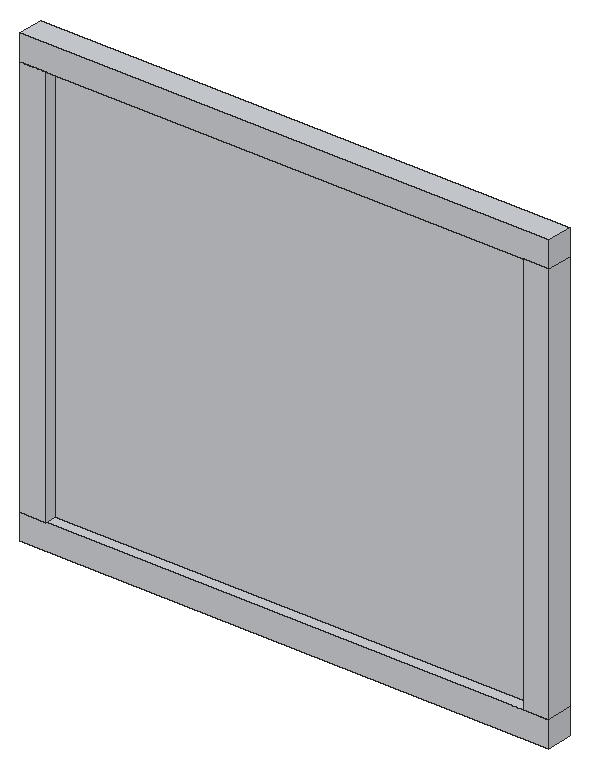
Revit family "1600X1860", category Windows, host Wall, Revit 2014
Parameters
  Operation = "NOTDEFINED"
  Analytic Construction = "<None>"
Reference planes
  plane 1: y = 0
  plane 2: z = 0
  plane 3: x = 0
Forms (mm)
  Extrusion 1, void
    sketch origin (0, -183.6, 800) x (0, 0, 1) y (1, 0, 0)
      loop
        line (-800, -930) -> (800, -930) -> (800, 930) -> (-800, 930) -> (-800, -930)
    from 0 to 367.2
  Extrusion 2, solid
    sketch origin (0, 0, 90) x (1, 0, 0) y (0, 1, 0)
      loop
        line (840, -5) -> (840, 5) -> (-840, 5) -> (-840, -5) -> (840, -5)
    from 0 to 1420
  Extrusion 3, solid
    sketch origin (885, 0, 90) x (1, 0, 0) y (0, 1, 0)
      loop
        line (45, -45) -> (45, 45) -> (-45, 45) -> (-45, -45) -> (45, -45)
    from 0 to 1420
  Extrusion 4, solid
    sketch origin (-885, 0, 90) x (1, 0, 0) y (0, 1, 0)
      loop
        line (45, -45) -> (45, 45) -> (-45, 45) -> (-45, -45) -> (45, -45)
    from 0 to 1420
  Extrusion 5, solid
    sketch origin (0, 0, 1510) x (1, 0, 0) y (0, 1, 0)
      loop
        line (-930, -45) -> (930, -45) -> (930, 45) -> (-930, 45) -> (-930, -45)
    from 0 to 90
  Extrusion 6, solid
    sketch origin (0, 0, 0) x (1, 0, 0) y (0, 1, 0)
      loop
        line (-930, -45) -> (930, -45) -> (930, 45) -> (-930, 45) -> (-930, -45)
    from 0 to 90
